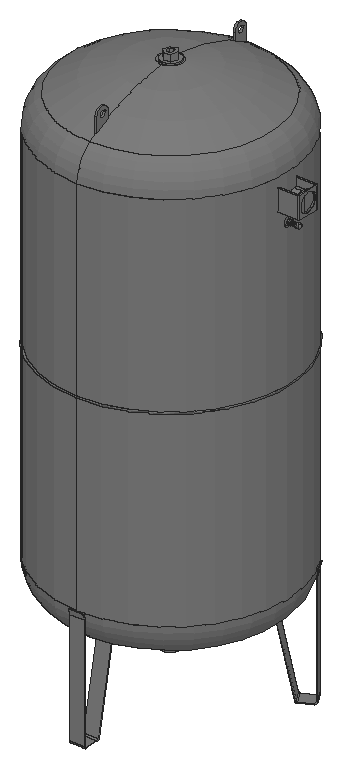
Revit family "MIT-900-ET (Vertical)", category Specialty Equipment, Revit 2022
Family settings
  Round Connector Dimension = Use Diameter
  Part Type = Normal
  Work Plane-Based = No
  Always vertical = Yes
  Cut with Voids When Loaded = No
  Maintain Annotation Orientation = No
  Shared = No
  Room Calculation Point = No
Parameters
  URL = "https://en.ekinendustriyel.com/expansion-tanks"
  Test Pressure = 15.0 bar
  Production Standard = "TS EN 13831"
  Precharge Pressure = 4.0 bar
  Operating Pressure = 10.0 bar
  Model = "MIT-900-ET_(Vertical)"
  Manufacturer = "Ekin Endüstriyel"
  Keynote = "Expension Tank"
  Description = "MIT-Expension Tank"
  Default Elevation = 0 mm
Reference planes
  plane 1 "Center (Front/Back)": y = 0
  plane 2: z = 0
  plane 3 "Center (Left/Right)": x = 0
Forms (mm)
  Revolve 1, solid, material "Ekin Endustriyel-S235JR", detail levels medium+fine
    sketch origin (0, -6614.015, 80.111) x (0, 1, 0) y (0, 0, 1)
      loop
        line (6614.015, 1850.223) -> (6614.015, 1848.398) -> (6651.581, 1848.398)
        arc (6651.581, 1848.398) -> (6811.062, 1816.471) -> (6957.292, 1745.265) r 638.141
        arc (6957.292, 1745.265) -> (6997.478, 1701.465) -> (7012.038, 1643.835) r 121.334
        line (7012.038, 1643.835) -> (7012.038, 334.84)
        arc (7012.038, 334.84) -> (6997.548, 277.391) -> (6957.546, 233.687) r 121.131
        arc (6957.546, 233.687) -> (6840.39, 172.938) -> (6713.201, 137.739) r 634.502
        arc (6713.201, 137.739) -> (6704.107, 131.161) -> (6694.387, 125.549) r 109.367
        line (6694.387, 125.549) -> (6614.015, 125.549) -> (6614.015, 123.692) -> (6695.078, 123.692)
        arc (6695.078, 123.692) -> (6705.154, 129.309) -> (6714.59, 135.945) r 110.567
        arc (6714.59, 135.945) -> (6841.62, 171.273) -> (6958.647, 232.017) r 636.502
        arc (6958.647, 232.017) -> (6999.309, 276.443) -> (7014.038, 334.84) r 123.131
        line (7014.038, 334.84) -> (7014.038, 986.874)
        arc (7014.038, 986.874) -> (7017.038, 989.874) -> (7014.038, 992.874) r 3
        line (7014.038, 992.874) -> (7014.038, 1643.835)
        arc (7014.038, 1643.835) -> (6999.238, 1702.415) -> (6958.39, 1746.937) r 123.334
        arc (6958.39, 1746.937) -> (6812.827, 1817.985) -> (6654.09, 1850.223) r 640.141
        line (6654.09, 1850.223) -> (6614.015, 1850.223)
      axis (6614.015, 123.692) -> (6614.015, 1850.223)
    angle from 0 to 360
  Extrusion 2, solid, material "Ekin Endustriyel-S235JR", detail levels coarse
    sketch origin (2501.554, -6589.015, 122.286) x (0, 1, 0) y (-1, 0, 0)
      loop
        circle (6589.015, 2501.554) r 407
    from 79.457 to 1808.049
  Extrusion 3, solid, material "Ekin Endustriyel-S235JR", detail levels fine
    sketch origin (-910.329, -3544.015, 80.111) x (0, 1, 0) y (0, 0, 1)
      loop
        line (3861.926, 1763.559) -> (3861.926, 1813.163)
        arc (3861.926, 1813.163) -> (3839.41, 1835.679) -> (3816.895, 1813.163) r 22.516
        line (3816.895, 1813.163) -> (3816.895, 1787.464)
        arc (3816.895, 1787.464) -> (3839.698, 1776.053) -> (3861.926, 1763.559) r 529.689
      loop
        circle (3839.366, 1813.429) r 12.5
      loop
        arc (3225.389, 1763.559) -> (3247.617, 1776.053) -> (3270.421, 1787.464) r 529.689
        line (3270.421, 1787.464) -> (3270.421, 1813.163)
        arc (3270.421, 1813.163) -> (3247.905, 1835.679) -> (3225.389, 1813.163) r 22.516
        line (3225.389, 1813.163) -> (3225.389, 1763.559)
      loop
        circle (3247.949, 1813.429) r 12.5
    from 906.829 to 913.828
  Extrusion 4, solid, material "Ekin Endustriyel-S235JR", detail levels medium+fine
    sketch origin (2.097, -50.92, 0) x (-0.866025, 0.5, 0) y (0, 0, 1)
      loop
        line (427.277, 395.355) -> (430.711, 413.024) -> (428.748, 413.406) -> (425.277, 395.547) -> (425.277, 7)
        arc (425.277, 7) -> (423.812, 3.464) -> (420.277, 2) r 5
        line (420.277, 2) -> (372.945, 2)
        arc (372.945, 2) -> (369.799, 3.114) -> (368.054, 5.96) r 5
        line (368.054, 5.96) -> (310.466, 276.893) -> (308.51, 276.477) -> (366.103, 5.523)
        arc (366.103, 5.523) -> (368.535, 1.554) -> (372.923, 0) r 6.973
        line (372.923, 0) -> (420.32, 0)
        arc (420.32, 0) -> (425.239, 2.038) -> (427.277, 6.957) r 6.957
        line (427.277, 6.957) -> (427.277, 395.355)
    from 18.05 to 68.05
  Extrusion 5, solid, material "Ekin Endustriyel-S235JR", detail levels medium+fine
    sketch origin (2.097, -50.92, 0) x (0, -1, 0) y (0, 0, 1)
      loop
        line (352.514, 413.024) -> (350.551, 413.406) -> (347.08, 395.547) -> (347.08, 7)
        arc (347.08, 7) -> (345.615, 3.464) -> (342.08, 2) r 5
        line (342.08, 2) -> (294.737, 2)
        arc (294.737, 2) -> (291.591, 3.114) -> (289.847, 5.96) r 5
        line (289.847, 5.96) -> (232.259, 276.891) -> (230.302, 276.475) -> (287.895, 5.523)
        arc (287.895, 5.523) -> (290.327, 1.554) -> (294.716, 0) r 6.973
        line (294.716, 0) -> (342.123, 0)
        arc (342.123, 0) -> (347.042, 2.038) -> (349.08, 6.957) r 6.957
        line (349.08, 6.957) -> (349.08, 395.355) -> (352.514, 413.024)
    from -22.903 to 27.097
  Extrusion 6, solid, material "Ekin Endustriyel-S235JR", detail levels medium+fine
    sketch origin (2.097, -50.92, 0) x (0.866025, 0.5, 0) y (0, 0, 1)
      loop
        line (427.078, 413.024) -> (425.115, 413.406) -> (421.644, 395.547) -> (421.644, 7)
        arc (421.644, 7) -> (420.179, 3.464) -> (416.644, 2) r 5
        line (416.644, 2) -> (369.312, 2)
        arc (369.312, 2) -> (366.166, 3.114) -> (364.422, 5.96) r 5
        line (364.422, 5.96) -> (306.833, 276.893) -> (304.877, 276.477) -> (362.47, 5.523)
        arc (362.47, 5.523) -> (364.902, 1.554) -> (369.291, 0) r 6.973
        line (369.291, 0) -> (416.687, 0)
        arc (416.687, 0) -> (421.606, 2.038) -> (423.644, 6.957) r 6.957
        line (423.644, 6.957) -> (423.644, 395.355) -> (427.078, 413.024)
    from -70.147 to -20.147
  Extrusion 7, solid, material "Ekin Endustriyel-S235JR", detail levels coarse
    sketch origin (2.097, -50.92, 0) x (-0.866025, 0.5, 0) y (0, 0, 1)
      loop
        line (427.277, 201.743) -> (324.395, 201.743) -> (366.103, 5.523)
        arc (366.103, 5.523) -> (368.535, 1.554) -> (372.923, 0) r 6.973
        line (372.923, 0) -> (420.32, 0)
        arc (420.32, 0) -> (425.239, 2.038) -> (427.277, 6.957) r 6.957
        line (427.277, 6.957) -> (427.277, 201.743)
    from 18.05 to 68.05
  Extrusion 8, solid, material "Ekin Endustriyel-S235JR", detail levels coarse
    sketch origin (2.097, -50.92, 0) x (0, -1, 0) y (0, 0, 1)
      loop
        line (349.069, 201.743) -> (246.187, 201.743) -> (287.895, 5.523)
        arc (287.895, 5.523) -> (290.327, 1.554) -> (294.716, 0) r 6.973
        line (294.716, 0) -> (342.112, 0)
        arc (342.112, 0) -> (347.031, 2.038) -> (349.069, 6.957) r 6.957
        line (349.069, 6.957) -> (349.069, 201.743)
    from -22.903 to 27.097
  Extrusion 9, solid, material "Ekin Endustriyel-S235JR", detail levels coarse
    sketch origin (2.097, -50.92, 0) x (0.866025, 0.5, 0) y (0, 0, 1)
      loop
        line (423.644, 201.743) -> (320.762, 201.743) -> (362.47, 5.523)
        arc (362.47, 5.523) -> (364.902, 1.554) -> (369.291, 0) r 6.973
        line (369.291, 0) -> (416.687, 0)
        arc (416.687, 0) -> (421.606, 2.038) -> (423.644, 6.957) r 6.957
        line (423.644, 6.957) -> (423.644, 201.743)
    from -70.147 to -20.147
  Extrusion 10, solid, material "Ekin Endustriyel-S235JR", detail levels coarse
    sketch origin (171.316, -0.358, 851) x (1, 0, 0) y (0, 1, 0)
      loop
        line (226.508, -39.142) -> (298.922, -39.142) -> (298.922, 39.858) -> (226.683, 39.858)
        arc (226.683, 39.858) -> (229.034, 19.99) -> (229.819, 0) r 254.819
        arc (229.819, 0) -> (228.99, -19.641) -> (226.508, -39.142) r 233
    from 767.5 to 842.5
  Extrusion 11, solid, material "Ekin Endustriyel-S235JR", detail levels medium+fine
    sketch origin (171.316, -0.358, 851) x (1, 0, 0) y (0, 1, 0)
      loop
        line (296.322, 39.858) -> (226.683, 39.858)
        arc (226.683, 39.858) -> (226.839, 38.858) -> (226.992, 37.858) r 254.819
        line (226.992, 37.858) -> (296.322, 37.858)
        arc (296.322, 37.858) -> (296.747, 37.682) -> (296.922, 37.258) r 0.6
        line (296.922, 37.258) -> (296.922, -36.542)
        arc (296.922, -36.542) -> (296.747, -36.967) -> (296.322, -37.142) r 0.6
        line (296.322, -37.142) -> (227.098, -37.142)
        arc (227.098, -37.142) -> (226.949, -38.143) -> (226.795, -39.142) r 254.819
        line (226.795, -39.142) -> (296.322, -39.142)
        arc (296.322, -39.142) -> (298.161, -38.381) -> (298.922, -36.542) r 2.6
        line (298.922, -36.542) -> (298.922, 37.258)
        arc (298.922, 37.258) -> (298.161, 39.096) -> (296.322, 39.858) r 2.6
    from 767.5 to 842.5
  Extrusion 12, void
    sketch origin (470.238, -36.9, 851) x (0, 1, 0) y (0, 0, 1)
      loop
        circle (36.9, 805) r 32.5
    from -2 to 0
  Revolve 13, solid, material "Ekin Endustriyel-S235JR", detail levels fine
    sketch origin (171.316, -0.358, 851) x (1, 0, 0) y (0, 0, 1)
      loop
        line (230, 811.5) -> (230, 805) -> (288.499, 805) -> (288.499, 837.415) -> (283.499, 837.415) -> (283.499, 835.016) -> (279.483, 835.016)
        arc (279.483, 835.016) -> (278.774, 834.723) -> (278.48, 834.013) r 1.003
        line (278.48, 834.013) -> (253.48, 834.013) -> (253.48, 815.002) -> (252.5, 815.002)
        arc (252.5, 815.002) -> (252.139, 814.657) -> (252, 814.178) r 0.964
        line (252, 814.178) -> (252, 812.305) -> (245, 812.305) -> (245, 811.5) -> (230, 811.5)
      axis (230, 805) -> (288.499, 805)
    angle from 0 to 360
  Revolve 14, solid, material "Ekin Endustriyel-S235JR", detail levels fine
    sketch origin (170.041, -0.358, 767.97) x (1, 0, 0) y (0, 0, 1)
      loop
        line (229.96, 805) -> (275.561, 805)
        arc (275.561, 805) -> (274.758, 808.458) -> (272.513, 811.208) r 7.847
        line (272.513, 811.208) -> (261.504, 811.208) -> (261.504, 812.005) -> (260.479, 812.005) -> (260.479, 810.108) -> (259.639, 809.269) -> (258.962, 809.946) -> (258.285, 809.269) -> (257.608, 809.946) -> (256.931, 809.269) -> (256.254, 809.946) -> (255.577, 809.269) -> (254.899, 809.946) -> (254.222, 809.269) -> (253.545, 809.946) -> (252.868, 809.269) -> (252.191, 809.946) -> (251.514, 809.269) -> (250.837, 809.946) -> (250.16, 809.269) -> (249.483, 809.946) -> (248.806, 809.269) -> (248.128, 809.946) -> (247.451, 809.269) -> (246.774, 809.946) -> (246.097, 809.269) -> (245.42, 809.946) -> (244.743, 809.269) -> (244.066, 809.946) -> (243.389, 809.269) -> (242.712, 809.946) -> (242.035, 809.269) -> (241.357, 809.946) -> (240.68, 809.269) -> (240.003, 809.946) -> (239.326, 809.269) -> (238.649, 809.946) -> (237.972, 809.269) -> (237.295, 809.946) -> (236.618, 809.269) -> (235.941, 809.946) -> (235.264, 809.269) -> (234.586, 809.946) -> (233.909, 809.269) -> (233.232, 809.946) -> (232.555, 809.269) -> (232.001, 809.823) -> (232.001, 814.435) -> (232.001, 819.99) -> (229.96, 819.99) -> (229.96, 805)
      axis (229.96, 805) -> (275.561, 805)
    angle from 0 to 360
  Extrusion 15, solid, material "Ekin Endustriyel-S235JR", detail levels fine
    sketch origin (170.041, -0.358, 849.766) x (0, 1, 0) y (0, 0, 1)
      loop
        line (0.348, 732.628) -> (-7.805, 727.921) -> (-7.805, 718.507) -> (0.348, 713.8) -> (8.5, 718.507) -> (8.5, 727.921) -> (0.348, 732.628)
    from 232.001 to 240.003
  Extrusion 16, solid, material "Ekin Endustriyel-S235JR", detail levels coarse
    sketch origin (-786.903, -48.09, 227.062) x (0.866025, -0.5, 0) y (0.5, 0.866025, 0)
      loop
        circle (657.432, 435.002) r 120
    from -35.733 to -33.733
  Revolve 17, solid, material "Ekin Endustriyel-S235JR", detail levels fine
    sketch origin (1636.684, -945.081, 156.351) x (0.866025, -0.5, 0) y (0, 0, 1)
      loop
        line (-1927.88, -21.889) -> (-1919.362, -21.889) -> (-1918.388, -21.097) -> (-1919.614, -20.101) -> (-1918.388, -19.105) -> (-1919.614, -18.109) -> (-1918.388, -17.112) -> (-1919.614, -16.116) -> (-1918.388, -15.12) -> (-1919.614, -14.124) -> (-1918.388, -13.128) -> (-1919.614, -12.131) -> (-1918.388, -11.135) -> (-1919.614, -10.139) -> (-1918.388, -9.143) -> (-1919.614, -8.146) -> (-1918.388, -7.15) -> (-1919.614, -6.154) -> (-1918.388, -5.158) -> (-1919.614, -4.162) -> (-1918.388, -3.165) -> (-1919.614, -2.169) -> (-1918.388, -1.173) -> (-1919.614, -0.177) -> (-1918.388, 0.82) -> (-1919.614, 1.816) -> (-1918.388, 2.812) -> (-1919.614, 3.808) -> (-1918.388, 4.804) -> (-1919.614, 5.801) -> (-1918.388, 6.797) -> (-1919.614, 7.793) -> (-1918.388, 8.789) -> (-1919.614, 9.786) -> (-1918.388, 10.782) -> (-1919.614, 11.778) -> (-1918.388, 12.774) -> (-1919.614, 13.77) -> (-1918.388, 14.767) -> (-1919.614, 15.763) -> (-1918.388, 16.759) -> (-1919.614, 17.755) -> (-1917.88, 19.164) -> (-1917.88, 33.093)
        arc (-1917.88, 33.093) -> (-1918.432, 34.426) -> (-1919.765, 34.978) r 1.885
        line (-1919.765, 34.978) -> (-1927.88, 34.978) -> (-1927.88, -21.889)
      axis (-1890, 34.978) -> (-1890, -21.889)
    angle from 0 to 360
  Extrusion 18, solid, material "Ekin Endustriyel-S235JR", detail levels fine
    sketch origin (-786.903, -48.09, 258.062) x (0.5, 0.866025, 0) y (0.866025, -0.5, 0)
      loop
        line (443.262, 542.469) -> (445.357, 553.247) -> (437.07, 560.451) -> (426.689, 556.876) -> (424.594, 546.098) -> (432.88, 538.895) -> (443.262, 542.469)
      loop
        line (339.571, 592.798) -> (349.952, 596.373) -> (352.047, 607.151) -> (343.761, 614.354) -> (333.379, 610.779) -> (331.284, 600.001) -> (339.571, 592.798)
      loop
        line (331.311, 707.761) -> (339.598, 700.558) -> (349.979, 704.132) -> (352.074, 714.91) -> (343.788, 722.114) -> (333.406, 718.539) -> (331.311, 707.761)
      loop
        line (426.743, 772.396) -> (424.648, 761.618) -> (432.934, 754.414) -> (443.315, 757.989) -> (445.41, 768.767) -> (437.124, 775.97) -> (426.743, 772.396)
      loop
        line (530.433, 592.798) -> (538.72, 600.001) -> (536.625, 610.779) -> (526.243, 614.354) -> (517.957, 607.151) -> (520.052, 596.373) -> (530.433, 592.798)
      loop
        line (538.693, 707.761) -> (536.598, 718.539) -> (526.216, 722.114) -> (517.93, 714.91) -> (520.025, 704.132) -> (530.406, 700.558) -> (538.693, 707.761)
    from 66.733 to 74.733
  Extrusion 19, solid, material "Ekin Endustriyel-S235JR", detail levels fine
    sketch origin (-786.903, -48.09, 220.571) x (0.866025, -0.5, 0) y (0.5, 0.866025, 0)
      loop
        circle (711.472, 341.424) r 6
      loop
        circle (603.471, 341.502) r 6
      loop
        circle (549.197, 435.002) r 6
      loop
        circle (603.315, 528.737) r 6
      loop
        circle (711.394, 528.581) r 6
      loop
        circle (765.512, 435.002) r 6
    from -9.143 to -29.241
  Extrusion 20, solid, material "Ekin Endustriyel-S235JR", detail levels medium
    sketch origin (449.031, -1882.156, 187.351) x (0.5, 0.866025, 0) y (0.866025, -0.5, 0)
      loop
        circle (1405.357, -1330) r 33.189
      loop
        circle (1405.357, -1330) r 24.638
    from 52.889 to -3.978
  Extrusion 21, solid, material "Ekin Endustriyel-S235JR", detail levels coarse
    sketch origin (449.031, -1882.156, 187.351) x (0.5, 0.866025, 0) y (0.866025, -0.5, 0)
      loop
        arc (1372.168, -1330) -> (1388.495, -1358.586) -> (1421.412, -1359.048) r 33.189
        arc (1421.412, -1359.048) -> (1422.22, -1301.414) -> (1372.168, -1330) r 33.189
    from -3.978 to 52.889
  Extrusion 22, solid, material "Ekin Endustriyel-S235JR", detail levels medium+fine
    sketch origin (-1189.403, -745.241, 265.543) x (0.5, 0.866025, 0) y (0.866025, -0.5, 0)
      loop
        circle (1240.002, 657.432) r 120
      loop
        circle (1146.424, 711.472) r 6
      loop
        circle (1240.002, 765.512) r 6
      loop
        circle (1333.581, 711.394) r 6
      loop
        circle (1333.737, 603.315) r 6
      loop
        circle (1240.002, 549.197) r 6
      loop
        circle (1146.502, 603.471) r 6
      loop
        circle (1131.912, 657.393) r 6
      loop
        circle (1185.934, 750.982) r 6
      loop
        circle (1294.034, 750.904) r 6
      loop
        circle (1348.209, 657.383) r 6
      loop
        circle (1294.091, 563.648) r 6
      loop
        circle (1185.981, 563.901) r 6
    from 66.8 to 63.8
  Extrusion 23, solid, material "Ekin Endustriyel-S235JR", detail levels medium+fine
    sketch origin (978.421, -6044.934, 1933.154) x (0.5, 0.866025, 0) y (-0.866025, 0.5, 0)
      loop
        circle (4745.469, 3869.844) r 11
      loop
        line (4730.56, 3886.032) -> (4723.995, 3865.027) -> (4738.903, 3848.838) -> (4760.377, 3853.655) -> (4766.943, 3874.661) -> (4752.034, 3890.849) -> (4730.56, 3886.032)
    from 0.181 to 23
  Extrusion 24, solid, material "Ekin Endustriyel-S235JR", detail levels coarse
    sketch origin (978.421, -6044.934, 1933.154) x (0.5, 0.866025, 0) y (-0.866025, 0.5, 0)
      loop
        line (4730.56, 3886.032) -> (4723.995, 3865.027) -> (4738.903, 3848.838) -> (4760.377, 3853.655) -> (4766.943, 3874.661) -> (4752.034, 3890.849) -> (4730.56, 3886.032)
    from -2.819 to 23
  Extrusion 25, solid, material "Ekin Endustriyel-S235JR", detail levels medium+fine
    sketch origin (978.421, -6044.934, 1933.154) x (0.5, 0.866025, 0) y (-0.866025, 0.5, 0)
      loop
        circle (4745.827, 3869.844) r 32.5
    from -2.819 to 0.181
  Extrusion 26, solid, material "Ekin Endustriyel-S235JR", detail levels coarse
    sketch origin (-786.903, -48.09, 235.559) x (0.866025, -0.5, 0) y (0.5, 0.866025, 0)
      loop
        circle (657.432, 435.002) r 120
    from -36.816 to -33.733
  Extrusion 27, solid, material "Ekin Endustriyel-S235JR", detail levels medium+fine
    sketch origin (-1189.403, -745.241, 266.559) x (0.5, 0.866025, 0) y (0.866025, -0.5, 0)
      loop
        circle (1240.002, 657.432) r 120
      loop
        circle (1146.424, 711.472) r 6
      loop
        circle (1240.002, 765.512) r 6
      loop
        circle (1333.581, 711.394) r 6
      loop
        circle (1333.737, 603.315) r 6
      loop
        circle (1240.002, 549.197) r 6
      loop
        circle (1146.502, 603.471) r 6
      loop
        circle (1131.912, 657.393) r 6
      loop
        circle (1185.934, 750.982) r 6
      loop
        circle (1294.034, 750.904) r 6
      loop
        circle (1348.209, 657.383) r 6
      loop
        circle (1294.091, 563.648) r 6
      loop
        circle (1185.981, 563.901) r 6
    from 67.816 to 64.733
Cuts and joins
  Extrusion 12 cuts Extrusion 11
Lines and regions (mm)
  symbolic lines
    curve 1: arc (40.138, 69.521, 0) -> (-69.652, 40.102, 0) -> (-40.234, -69.688, 0) r 80.372
Dimensions and locks
  aligned and locked: level to plane 2
Connectors
  piping at (-0.104, -0.081, 134.462), diameter 25.4
    settings: on Extrusion 20, index 2, connector inside diameter 609.6 mm, connector length 0 mm, flow factor 0, pipe flow 0.0 L/s, pressure drop 0.0 Pa, fitting loss kfactor 0, connector angle 0.00°, fixture units 0, engagement length 0 mm, angle of deflection 0.00°, flow configuration 0, flow direction 0, fitting loss method 0, system type 7, joint type 0, gender type 0, connector reference index -1, connector utility 0, adjustable connector no, is connector primary yes, connector description ""
